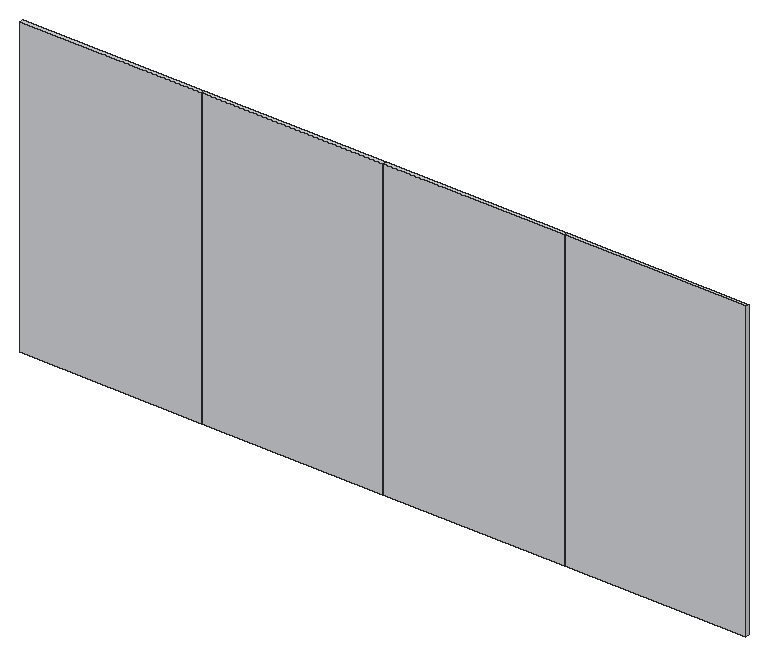
Revit family "Fence panel array", category Generic Models, Revit 2021
Family settings
  Can host rebar = No
  Round Connector Dimension = Use Diameter
  Part Type = Normal
  Work Plane-Based = No
  Always vertical = Yes
  Cut with Voids When Loaded = No
  Shared = No
  Room Calculation Point = No
Parameters (values of type "Fencing array")
  Panel height = 1030.342 mm
  Panel elevation = 50 mm
  Material = none
  Fencing width [instance] = 2400 mm
  Default Elevation = 0 mm
  Arrayed panel width [instance] = Fencing width / Array count override  # 600 mm
  Array count override [instance] = if(Array count < 2, 2, Array count)  # 4
  Array count [instance] = 4
  2 or more Panels [instance] = Array count > 1  # yes
  1 Panel [instance] = Array count < 2  # no
Reference planes
  plane 1 "Center (Front/Back)": y = 0
  plane 2: z = 0
  plane 3 "Left": x = 0
  plane 4 "Right": x = 2400
  plane 5 "Center L/S": x = 600
Dimensions and locks
  "Fencing width": plane 3 "Left" to plane 4 "Right"
  equal spacing: group 1, group 2, group 3, group 4  (x3)
  "Arrayed panel width": plane 3 "Left" to plane 5 "Center L/S"
  aligned and locked: level to plane 2
  aligned and locked: plane 3 "Left" to nested 1
  aligned and locked: nested 1 to plane 4 "Right"
  aligned and locked: plane 1 "Center (Front/Back)" to nested 1
  aligned and locked: plane 3 "Left" to nested 2
  aligned and locked: plane 5 "Center L/S" to nested 3
  aligned and locked: plane 1 "Center (Front/Back)" to nested 2
  aligned and locked: plane 1 "Center (Front/Back)" to nested 3
Nested families
  nested 1: "Fence panel" at (0, 0, 0), visible <- "1 Panel", type "Fence panel"
    with Panel width 2400 mm
  nested 2: "Fence panel" at (0, 0, 0), visible <- "2 or more Panels", Panel width <- "Arrayed panel width", type "Fence panel"
    with Panel width 600 mm
  nested 3: "Fence panel" at (600, 0, 0), visible <- "2 or more Panels", Panel width <- "Arrayed panel width", type "Fence panel"
    with Panel width 600 mm
  nested 4: "Fence panel" at (1200, 0, 0), visible <- "2 or more Panels", Panel width <- "Arrayed panel width", type "Fence panel"
    with Panel width 600 mm
  nested 5: "Fence panel" at (1800, 0, 0), visible <- "2 or more Panels", Panel width <- "Arrayed panel width", type "Fence panel"
    with Panel width 600 mm
Definition of nested family "Fence panel"
  Parameters
    Panel width [instance] = 734.548 mm
    Panel height = 1030.342 mm
    Panel elevation = 50 mm
    Fence panel = none
    Default Elevation = 0 mm
  Reference planes
    plane 1 "Center (Front/Back)": y = 0
    plane 2: z = 0
    plane 3 "Left": x = 0
    plane 4 "Right": x = 734.548
    plane 5 "Top": z = 1030.342
    plane 6 "Center L/S": z = 50
  Forms (mm)
    Extrusion 1, solid, material <- "Fence panel"
      sketch origin (0, 0, 0) x (1, 0, 0) y (0, 0, 1)
        loop
          line (0, 1030.342) -> (0, 50) -> (734.548, 50) -> (734.548, 1030.342) -> (0, 1030.342)
      from -5 to 5
  Dimensions and locks
    "Panel width": plane 3 "Left" to plane 4 "Right"
    "Panel height": plane 5 "Top" to level
    "Panel elevation": plane 6 "Center L/S" to plane 2
    aligned and locked: level to plane 2
    aligned and locked: plane 6 "Center L/S" to Extrusion 1 sketch curve
    aligned and locked: plane 3 "Left" to Extrusion 1 sketch curve
    aligned and locked: plane 4 "Right" to Extrusion 1 sketch curve
    aligned and locked: Extrusion 1 sketch curve to plane 5 "Top"
